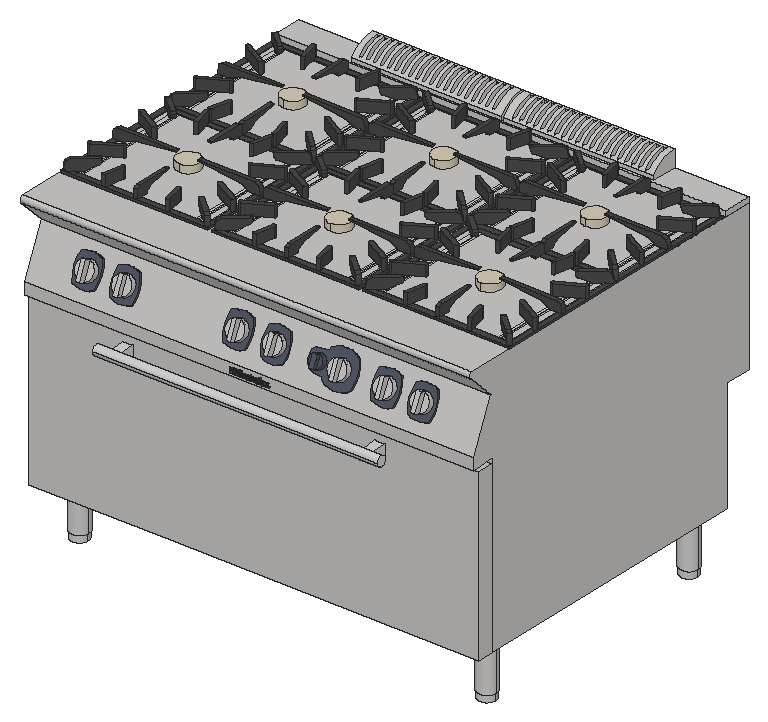
Revit family "QF_ELECTROLUXPROFESSIONAL_391015_E9GCGL6CL0", category Specialty Equipment, Revit 2018 (continued)
Definition of nested family "371009_BURNER"
  Automatic sketch dimensions
    Extrusion 6 sketch curve to Extrusion 6 sketch curve = 4.763 mm  (x2)
    Extrusion 6 sketch curve to Extrusion 6 sketch curve = 3.716 mm
    plane 10 to Extrusion 7 sketch curve = 5 mm  (x2)
    Extrusion 7 sketch curve to Extrusion 7 sketch curve = 2.692 mm  (x2)
    Extrusion 7 sketch curve to Extrusion 7 sketch curve = 10.213 mm  (x2)
    plane 10 to Extrusion 7 sketch curve = 12.281 mm
    Extrusion 7 sketch curve to Extrusion 7 sketch curve = 29.348 mm  (x2)
    Extrusion 7 sketch curve to Extrusion 7 sketch curve = 3.155 mm  (x2)
    Extrusion 7 sketch curve to Extrusion 7 sketch curve = 22.572 mm
    Extrusion 7 sketch curve to Extrusion 7 sketch curve = 8.81 mm
    Extrusion 7 sketch curve to Extrusion 7 sketch curve = 9.845 mm  (x2)
    Extrusion 7 sketch curve to Extrusion 7 sketch curve = 3.99 mm  (x2)
    Extrusion 7 sketch curve to Extrusion 7 sketch curve = 0 mm  (x2)
    Extrusion 7 sketch curve to Extrusion 7 sketch curve = 21.306 mm
    Extrusion 7 sketch curve to plane 10 = 64.377 mm  (x2)
    Extrusion 7 sketch curve to Extrusion 7 sketch curve = 326.397 mm
    Extrusion 7 sketch curve to plane 6 "TOP" = 28.141 mm
    Extrusion 7 sketch curve to Extrusion 7 sketch curve = 16.281 mm
    Extrusion 7 sketch curve to Extrusion 7 sketch curve = 1.035 mm
    Extrusion 7 sketch curve to Extrusion 7 sketch curve = 19.417 mm
    Extrusion 7 sketch curve to Extrusion 7 sketch curve = 7.281 mm
    Extrusion 7 sketch curve to Extrusion 7 sketch curve = 10.713 mm
    curve 58 to curve 12 = 72.824 mm
    curve 30 to curve 30 = 73.227 mm
    curve 58 to curve 5 = 10.263 mm
    curve 5 to curve 58 = 0 mm
    curve 59 to curve 30 = 10.263 mm
    curve 30 to curve 8 = 9.4 mm
    curve 31 to curve 32 = 0 mm
    curve 33 to curve 38 = 0 mm  (x2)
    curve 33 to curve 39 = 0 mm  (x2)
    curve 33 to curve 40 = 0 mm  (x2)
    plane 1 "BACK" to curve 41 = 0 mm
    curve 41 to plane 3 "LEFT" = 0 mm
    curve 31 to plane 7 "Center Y" = 0 mm
    curve 33 to plane 7 "Center Y" = 0 mm
    curve 41 to plane 4 "RIGHT" = 0 mm
    plane 3 "LEFT" to curve 76 = 1.326 mm
    plane 3 "LEFT" to curve 64 = 1.326 mm
    plane 3 "LEFT" to curve 44 = 2.995 mm
    plane 3 "LEFT" to curve 46 = 2.995 mm
    curve 43 to curve 43 = 2.408 mm
    curve 46 to curve 47 = 2.408 mm
    curve 47 to curve 47 = 2.408 mm
    curve 43 to curve 42 = 2.408 mm
    curve 76 to plane 5 "FRONT" = 0.514 mm
    plane 3 "LEFT" to curve 76 = 8.029 mm
    plane 1 "BACK" to curve 62 = 0.514 mm
    plane 3 "LEFT" to curve 62 = 8.029 mm
    curve 48 to curve 75 = 50.941 mm
    curve 43 to curve 63 = 50.941 mm
    curve 75 to curve 75 = 3.351 mm
    curve 63 to curve 63 = 3.351 mm
    plane 1 "BACK" to curve 62 = 52.383 mm
    curve 63 to curve 62 = 3.351 mm
    curve 74 to plane 5 "FRONT" = 52.383 mm
    curve 75 to curve 74 = 3.351 mm
    plane 3 "LEFT" to curve 46 = 65.629 mm
    plane 3 "LEFT" to curve 44 = 65.629 mm
    curve 45 to curve 45 = 2.408 mm
    curve 46 to curve 49 = 2.408 mm
    curve 49 to curve 48 = 2.408 mm
    curve 45 to curve 42 = 2.408 mm
    curve 38 to plane 8 "Center X" = 2.597 mm
    curve 38 to plane 7 "Center Y" = 51.172 mm
    curve 33 to plane 8 "Center X" = 2.597 mm
    curve 38 to curve 33 = 12.999 mm
    curve 33 to plane 7 "Center Y" = 5 mm
    curve 38 to plane 7 "Center Y" = 5 mm
    curve 31 to curve 33 = 0 mm
    plane 7 "Center Y" to curve 32 = 5 mm
    plane 7 "Center Y" to curve 40 = 5 mm
    curve 39 to curve 32 = 0 mm
    curve 39 to plane 8 "Center X" = 2.597 mm
    plane 7 "Center Y" to curve 39 = 38.172 mm
    curve 40 to plane 8 "Center X" = 2.704 mm
    curve 39 to curve 40 = 12.979 mm
    curve 50 to plane 4 "RIGHT" = 70.445 mm
    curve 57 to plane 4 "RIGHT" = 70.445 mm
    curve 50 to curve 53 = 2.408 mm
    curve 57 to curve 57 = 2.408 mm  (x2)
    curve 53 to curve 53 = 2.408 mm
    curve 71 to curve 71 = 3.351 mm
    curve 67 to curve 67 = 3.351 mm
    curve 71 to curve 69 = 3.351 mm
    curve 67 to curve 65 = 3.351 mm
    curve 60 to plane 4 "RIGHT" = 15 mm
    curve 72 to plane 5 "FRONT" = 0.514 mm
    curve 72 to plane 4 "RIGHT" = 8.029 mm
    plane 1 "BACK" to curve 68 = 0.514 mm
    curve 68 to plane 4 "RIGHT" = 8.029 mm
    curve 50 to plane 4 "RIGHT" = 7.81 mm
    curve 55 to plane 4 "RIGHT" = 7.81 mm
    curve 55 to curve 55 = 2.408 mm
    curve 50 to curve 51 = 2.408 mm
    curve 55 to plane 4 "RIGHT" = 2.995 mm
    curve 51 to plane 4 "RIGHT" = 2.995 mm
    curve 69 to plane 4 "RIGHT" = 1.326 mm
    curve 65 to plane 4 "RIGHT" = 1.326 mm
    curve 72 to plane 5 "FRONT" = 7.935 mm
    curve 60 to plane 5 "FRONT" = 20.286 mm
    curve 71 to curve 56 = 27.93 mm
    curve 73 to curve 48 = 27.93 mm
    curve 47 to curve 47 = 4.382 mm
    curve 55 to curve 55 = 4.382 mm
    curve 56 to plane 8 "Center X" = 55.651 mm
    curve 48 to plane 8 "Center X" = 55.651 mm
    curve 57 to curve 57 = 4.382 mm
    curve 49 to curve 49 = 4.382 mm
    curve 40 to plane 8 "Center X" = 44.773 mm
    curve 39 to curve 32 = 4.818 mm
    plane 8 "Center X" to curve 31 = 2.403 mm
    plane 8 "Center X" to curve 45 = 46.886 mm
    plane 8 "Center X" to curve 52 = 46.886 mm
    curve 53 to curve 53 = 4.382 mm
    curve 45 to curve 45 = 4.382 mm
    curve 53 to curve 52 = 34.416 mm
    curve 44 to curve 61 = 36.694 mm
    curve 43 to curve 43 = 4.382 mm
    curve 51 to curve 51 = 4.382 mm
    curve 51 to curve 65 = 27.93 mm
    plane 1 "BACK" to curve 83 = 20.286 mm
    plane 1 "BACK" to curve 88 = 15 mm
    plane 1 "BACK" to curve 77 = 15 mm
    curve 77 to curve 83 = 30.799 mm
    curve 78 to plane 5 "FRONT" = 15 mm
    curve 80 to curve 71 = 7.989 mm
    curve 78 to curve 60 = 30.799 mm
    curve 78 to curve 80 = 13.475 mm
    curve 55 to curve 79 = 10.979 mm
    curve 82 to curve 57 = 6.514 mm
    curve 80 to curve 78 = 0 mm
    curve 80 to curve 82 = 11.41 mm
    curve 77 to curve 66 = 37.77 mm
    curve 60 to curve 79 = 11.41 mm
    plane 8 "Center X" to curve 81 = 7.403 mm
    plane 8 "Center X" to curve 84 = 7.403 mm
    curve 82 to plane 8 "Center X" = 2.597 mm
    curve 82 to curve 84 = 0 mm
    curve 79 to plane 8 "Center X" = 2.597 mm
    curve 79 to curve 81 = 0 mm
    curve 81 to curve 51 = 10.979 mm
    curve 53 to curve 85 = 17.924 mm
    curve 84 to curve 81 = 30.799 mm
    curve 84 to curve 85 = 11.41 mm
    curve 52 to curve 84 = 19.83 mm
    curve 81 to curve 83 = 11.41 mm
    curve 67 to curve 85 = 7.989 mm
    curve 85 to curve 77 = 0 mm
    curve 85 to curve 77 = 13.475 mm
    curve 86 to curve 37 = 26.152 mm
    curve 4 to curve 86 = 10.263 mm
    curve 86 to curve 4 = 0 mm
    curve 36 to curve 21 = 26.152 mm
    curve 88 to curve 88 = 25 mm
    plane 8 "Center X" to curve 89 = 69.193 mm
    curve 43 to curve 90 = 9.597 mm
    curve 43 to curve 90 = 0.432 mm
    plane 1 "BACK" to curve 90 = 20.286 mm
    curve 93 to plane 8 "Center X" = 2.597 mm
    plane 8 "Center X" to curve 91 = 7.403 mm
    curve 95 to plane 8 "Center X" = 69.193 mm
    curve 93 to curve 94 = 28.333 mm
    curve 95 to curve 12 = 33.104 mm
    curve 21 to curve 87 = 10.263 mm
    curve 87 to curve 21 = 0 mm
    curve 91 to curve 90 = 11.41 mm
    curve 89 to curve 87 = 21.732 mm
    curve 89 to curve 92 = 11.41 mm
    curve 92 to curve 89 = 0 mm
    plane 8 "Center X" to curve 92 = 7.403 mm
    curve 91 to curve 90 = 0 mm
    curve 93 to curve 95 = 0 mm
    curve 93 to curve 95 = 11.41 mm
    curve 11 to curve 94 = 0 mm
    curve 11 to curve 94 = 11.41 mm
    curve 95 to curve 11 = 30.799 mm
    curve 95 to curve 12 = 13.475 mm
    plane 3 "LEFT" to curve 95 = 45.799 mm
    curve 95 to curve 5 = 33.104 mm
    Extrusion 8 sketch curve to Extrusion 3 = 5.275 mm  (x2)
    Extrusion 8 sketch curve to Extrusion 8 sketch curve = 1.125 mm  (x16)
    Extrusion 3 to Extrusion 8 sketch curve = 38.711 mm  (x2)
    Extrusion 8 sketch curve to Extrusion 3 = 7.19 mm  (x3)
    Extrusion 3 to Extrusion 8 sketch curve = 72.734 mm  (x2)
    Extrusion 8 sketch curve to Extrusion 8 sketch curve = 4.382 mm  (x16)
    Extrusion 8 sketch curve to Extrusion 3 = 2.995 mm  (x4)
    Extrusion 8 sketch curve to Extrusion 8 sketch curve = 34.416 mm  (x4)
    Extrusion 3 to Extrusion 8 sketch curve = 50.629 mm  (x3)
    Extrusion 8 sketch curve to Extrusion 8 sketch curve = 93.773 mm  (x2)
    Extrusion 3 to Extrusion 8 sketch curve = 40.96 mm  (x2)
    Extrusion 8 sketch curve to Extrusion 3 = 7.476 mm  (x2)
    Extrusion 8 sketch curve to Extrusion 8 sketch curve = 2.408 mm  (x4)
    Extrusion 3 to Extrusion 8 sketch curve = 91.634 mm  (x2)
    Extrusion 8 sketch curve to Extrusion 8 sketch curve = 4.872 mm  (x8)
    Extrusion 8 sketch curve to Extrusion 8 sketch curve = 11.182 mm  (x4)
    Extrusion 3 to Extrusion 8 sketch curve = 112.56 mm
    Extrusion 8 sketch curve to Extrusion 8 sketch curve = 61.931 mm
    Extrusion 3 to Extrusion 8 sketch curve = 55.445 mm
    Extrusion 8 sketch curve to Extrusion 8 sketch curve = 4.816 mm
    curve 67 to curve 85 = 19.656 mm
    curve 71 to curve 80 = 19.656 mm
    curve 99 to plane 5 "FRONT" = 7.524 mm
    curve 74 to curve 99 = 41.179 mm
    curve 98 to curve 99 = 4.872 mm
    curve 96 to plane 5 "FRONT" = 5.275 mm
    curve 99 to curve 96 = 4.872 mm
    curve 99 to curve 98 = 11.182 mm
    curve 98 to curve 97 = 4.872 mm
    curve 96 to plane 5 "FRONT" = 53.711 mm
    curve 97 to curve 96 = 4.872 mm
    curve 97 to curve 97 = 1.125 mm
    curve 103 to curve 70 = 62.105 mm
    curve 103 to curve 103 = 4.872 mm  (x2)
    curve 100 to plane 5 "FRONT" = 5.275 mm
    curve 100 to curve 100 = 11.182 mm
    curve 101 to curve 101 = 4.872 mm
    curve 102 to plane 5 "FRONT" = 7.524 mm
    curve 101 to curve 102 = 4.872 mm
    curve 100 to curve 100 = 48.436 mm
    curve 103 to curve 103 = 1.125 mm
    curve 106 to curve 67 = 62.105 mm
    curve 107 to curve 107 = 4.872 mm
    plane 1 "BACK" to curve 104 = 55.96 mm
    curve 107 to curve 104 = 4.872 mm
    plane 1 "BACK" to curve 105 = 5.275 mm
    curve 107 to curve 105 = 11.182 mm
    curve 105 to curve 105 = 4.872 mm  (x2)
    curve 107 to curve 107 = 1.125 mm
    plane 1 "BACK" to curve 104 = 7.524 mm
    plane 1 "BACK" to curve 109 = 7.524 mm
    curve 62 to curve 109 = 41.179 mm
    curve 109 to curve 109 = 4.872 mm
    plane 1 "BACK" to curve 108 = 5.275 mm
    curve 109 to curve 108 = 4.872 mm
    curve 110 to curve 111 = 11.182 mm
    curve 110 to curve 111 = 4.872 mm
    plane 1 "BACK" to curve 108 = 53.711 mm
    curve 111 to curve 108 = 4.872 mm
    curve 111 to curve 108 = 2.25 mm
    radius of Extrusion 4 sketch curve = 30 mm
